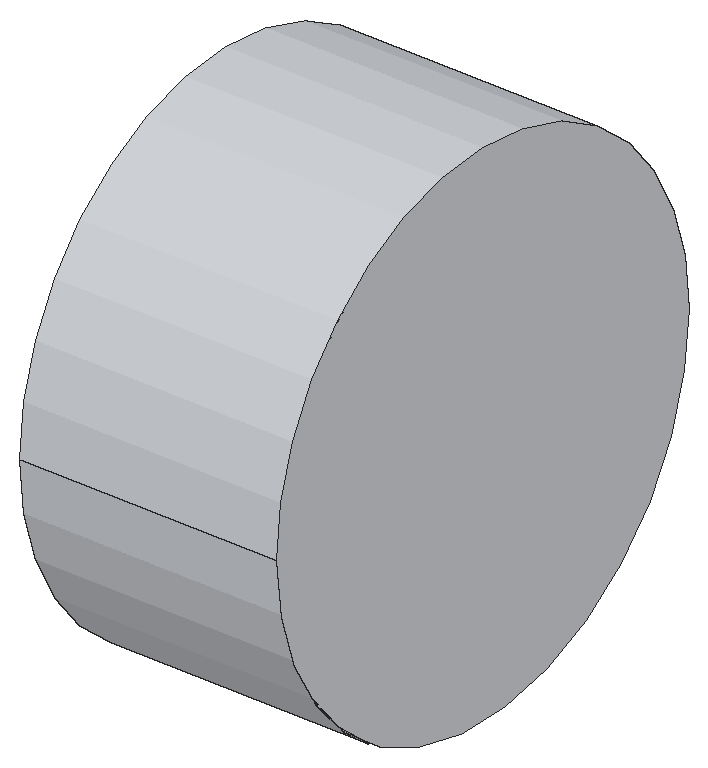
Revit family "Coupling - Generic", category Pipe Fittings, Revit 2027
Family settings
  Round Connector Dimension = Use Radius
  Part Type = Union
  Work Plane-Based = No
  Always vertical = Yes
  Cut with Voids When Loaded = No
  Shared = No
Parameters (values of type "Standard")
  Tick Size [instance] = Fitting Outside Diameter * 0.4  # 0.45"
  Nominal Radius [instance] = 1/2"
  Nominal Diameter [instance] = Nominal Radius * 2  # 1"
  Loss Method = K Coefficient from Table
  Lookup Table Name = "Pipe Fitting - Generic"
  Length [instance] = Fitting Outside Radius  # 9/16"
  K Coefficient Table = "Reducer/Coupling/Union/Increaser"
  Fitting Outside Radius [instance] = Fitting Outside Diameter / 2  # 9/16"
  Fitting Outside Diameter [instance] = size_lookup(Lookup Table Name, "FOD", Nominal Diameter + 1/8", Nominal Diameter)  # 1 1/8"
  Fitting Material = none
  Default Elevation = 0' - 0"
Types (2): name
  Standard
  AG - Schedule 40
Reference planes (in)
  plane 1 "Center (Front/Back)": y = 0
  plane 2: z = 0
  plane 3 "Center (Left/Right)": x = 0
  plane 4: x = -0.28125
  plane 5: x = 0.28125
  plane 6: y = 0.45
  plane 7: y = -0.45
Forms (in)
  Extrusion 1, solid, material <- "Fitting Material", detail levels fine
    sketch origin (0, 0, 0) x (0, 1, 0) y (0, 0, 1)
      loop
        circle (0, 0) r 0.5625
    from -0.28125 to 0.28125
Lines and regions (in)
  model lines, detail levels coarse+medium
    curve 1: line (-0.28125, 0, 0) -> (0.28125, 0, 0)
    curve 2: line (-0.28125, 0.45, 0) -> (-0.28125, -0.45, 0)
    curve 3: line (0.28125, 0.45, 0) -> (0.28125, -0.45, 0)
Dimensions and locks (in)
  equal spacing: plane 4, plane 3 "Center (Left/Right)", plane 5
  "Length": plane 4 to plane 5
  "Tick Size": plane 6 to plane 1 "Center (Front/Back)"
  "Tick Size": plane 7 to plane 1 "Center (Front/Back)"
  "Fitting Outside Radius": radius of Extrusion 1 sketch curve
  aligned and locked: plane 2 to Extrusion 1 sketch curve
  aligned and locked: plane 1 "Center (Front/Back)" to Extrusion 1 sketch curve
  aligned and locked: Extrusion 1 to plane 4
  aligned and locked: Extrusion 1 to plane 5
  aligned and locked: plane 6 to curve 2
  aligned and locked: plane 7 to curve 2
  aligned and locked: curve 2 to plane 4
  aligned and locked: plane 6 to curve 3
  aligned and locked: plane 7 to curve 3
  aligned and locked: plane 5 to curve 3
  aligned and locked: plane 4 to curve 1
  aligned and locked: plane 5 to curve 1
  aligned and locked: plane 1 "Center (Front/Back)" to curve 1
Connectors (in)
  piping at (-0.28125, 0, 0), diameter 1, driven by "Nominal Radius"
    settings: on Extrusion 1, index 1, connector inside diameter 1", connector length 0' - 0", flow factor 0, pipe flow 0 GPM, pressure drop 0.00 psi, fitting loss kfactor 0, connector angle 0.00°, fixture units 0, engagement length 0' - 0", angle of deflection 0.00°, flow configuration 0, flow direction 0, fitting loss method 0, system type 28, joint type 0, gender type 0, connector reference index 2, connector utility 0, adjustable connector no, is connector primary yes, connector description ""
  piping at (0.28125, 0, 0), diameter 1, driven by "Nominal Radius"
    settings: on Extrusion 1, index 2, connector inside diameter 1", connector length 0' - 0", flow factor 0, pipe flow 0 GPM, pressure drop 0.00 psi, fitting loss kfactor 0, connector angle 0.00°, fixture units 0, engagement length 0' - 0", angle of deflection 0.00°, flow configuration 0, flow direction 0, fitting loss method 0, system type 28, joint type 0, gender type 0, connector reference index 1, connector utility 0, adjustable connector no, is connector primary no, connector description ""
